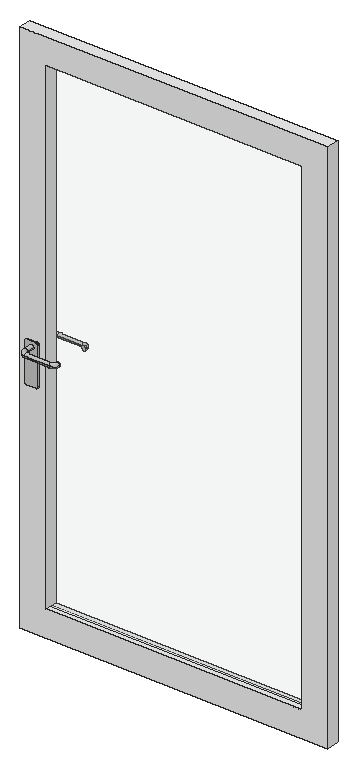
Revit family "CW Single Glass", category Doors, Revit 2015
Parameters (values of type "50mm")
  Thickness = 50.00 mm
  Model = ""
  Material = none
  Material Glass = none
  Function = Interior
  Rail Width = 100.00 mm
  Door Handle [instance] = Stainless Steel : Stainless Steel
  Construction Type = ""
  CQUnit = "pcs"
  CQKeynoteText = ""
  Analytic Construction = "<None>"
Reference planes
  plane 1 "Center (Front/Back)": y = 0
  plane 2: z = 0
  plane 3 "Center (Left/Right)": x = -231.877
  plane 4: x = -831.877
  plane 5: x = 368.123
  plane 6 "Top": z = 2100
  plane 7: x = -781.877
  plane 8: z = 1050
Forms (mm)
  Extrusion 1, solid, material <- "Material"
    sketch origin (0, 0, 0) x (1, 0, 0) y (0, 0, 1)
      loop
        line (368.123, 0) -> (368.123, 2100) -> (-831.877, 2100) -> (-831.877, 0) -> (368.123, 0)
      loop
        line (268.123, 2000) -> (-731.877, 2000) -> (-731.877, 100) -> (268.123, 100) -> (268.123, 2000)
    from -25 to 25
  Extrusion 2, solid, material <- "Material Glass"
    sketch origin (0, 0, 0) x (1, 0, 0) y (0, 0, 1)
      loop
        line (268.123, 100) -> (268.123, 2000) -> (-731.877, 2000) -> (-731.877, 100) -> (268.123, 100)
    from -5 to 5
Lines and regions (mm)
  symbolic lines, style "Plan Swing"
    curve 1: line (368.123, 0, 0) -> (368.123, 1200, 0)
    curve 2: arc (-831.877, 0, 0) -> (-480.405, 848.528, 0) -> (368.123, 1200, 0) r 1200
  symbolic lines, style "Elevation Swing"
    curve 3: line (-831.877, 0, 2100) -> (368.123, 0, 1050)
    curve 4: line (368.123, 0, 1050) -> (-831.877, 0, 0)
Text (mm)
  text "Exterior" at (-1161.5, 797.241, 0), in view "Ref. Level"
Dimensions and locks
  equal spacing: plane 4, plane 3 "Center (Left/Right)", plane 5
  locked: plane 7 to plane 4 at 50
  equal spacing: Extrusion 1, plane 1 "Center (Front/Back)", Extrusion 1
  "Thickness": Extrusion 1 to Extrusion 1
  equal spacing: Extrusion 2, plane 1 "Center (Front/Back)", Extrusion 2
  Extrusion 2 to Extrusion 2 = 10.00 mm
  equal spacing: plane 2, plane 8, plane 6 "Top"
  "Rail Width": plane 4 to Extrusion 1
  "Rail Width": Extrusion 1 to plane 5
  "Rail Width": Extrusion 1 to plane 6 "Top"
  "Rail Width": plane 2 to Extrusion 1
  aligned and locked: plane 5 to Extrusion 1 sketch curve
  aligned and locked: plane 2 to Extrusion 1 sketch curve
  aligned and locked: plane 6 "Top" to Extrusion 1 sketch curve
  aligned and locked: Extrusion 1 sketch curve to plane 4
  aligned and locked: Extrusion 2 sketch curve to Extrusion 1  (x4)
  aligned and locked: Extrusion 1 to nested 1
  aligned and locked: plane 7 to nested 2
  aligned and locked: nested 2 to Extrusion 1
  aligned and locked: nested 1 to plane 7
Automatic sketch dimensions
  Extrusion 1 sketch curve to plane 7 = 50.00 mm
  plane 5 to Extrusion 1 sketch curve = 100.00 mm
  level to Extrusion 1 sketch curve = 100.00 mm
  plane 6 "Top" to Extrusion 1 sketch curve = 100.00 mm
  curve 2 to plane 1 "Center (Front/Back)" = 0.00 mm
  curve 2 to plane 4 = 0.00 mm
  curve 2 to plane 5 = 0.00 mm
  curve 1 to plane 1 "Center (Front/Back)" = 0.00 mm
  curve 4 to level = 0.00 mm
  plane 4 to curve 4 = 0.00 mm
  plane 4 to curve 3 = 0.00 mm
  plane 5 to curve 3 = 0.00 mm
  curve 3 to plane 8 = 0.00 mm
  curve 3 to plane 6 "Top" = 0.00 mm
Nested families
  nested 1: "Stainless Steel" at (-781.877, -25, 1000), type <- "Door Handle", type "Stainless Steel"
  nested 2: "Stainless Steel" at (-781.877, 25, 1000), type <- "Door Handle", type "Stainless Steel"
Definition of nested family "Stainless Steel"
  Parameters
    Assembly Code = ""
  Reference planes
    plane 1 "Center (Front/Back)": y = 0
    plane 2: z = 0
    plane 3 "Center (Left/Right)": x = 0
  Forms (mm)
    Extrusion 1, solid, detail levels medium+fine
      sketch origin (0, 0, 0) x (1, 0, 0) y (0, 0, 1)
        loop
          arc (-18, 22) -> (-22.95, 19.95) -> (-25, 15) r 7
          line (-25, 15) -> (-25, -130.014)
          arc (-25, -130.014) -> (-22.95, -134.963) -> (-18, -137.014) r 7
          line (-18, -137.014) -> (18, -137.014)
          arc (18, -137.014) -> (22.95, -134.963) -> (25, -130.014) r 7
          line (25, -130.014) -> (25, 15)
          arc (25, 15) -> (22.95, 19.95) -> (18, 22) r 7
          line (18, 22) -> (-18, 22)
      from 0 to 5.6
    Sweep 2, solid, detail levels medium+fine
      path origin (0, 0, 0) x (1, 0, 0) y (0, 1, 0)
        loop
          line (0, -5.608) -> (0, -35.608)
          arc (0, -35.608) -> (5.858, -49.75) -> (20, -55.608) r 20
          line (20, -55.608) -> (116.25, -55.608)
          arc (116.25, -55.608) -> (125.973, -51.58) -> (130, -41.858) r 13.75
          line (130, -41.858) -> (130, -38.476)
      profile origin (0, -20.608, 0) x (1, 0, 0) y (0, 0, 1)
        loop
          circle (0, 0) r 7.5
